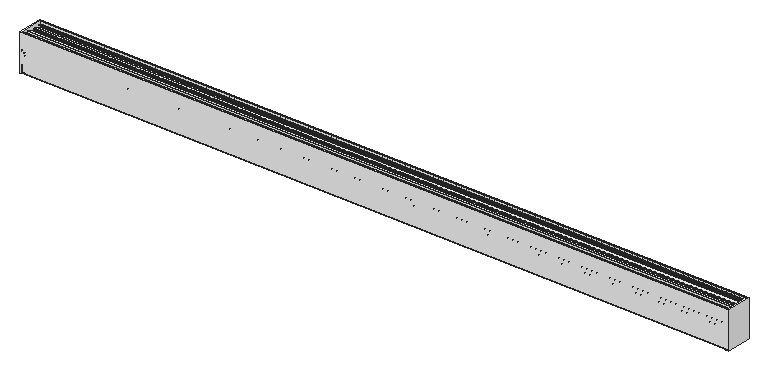
Revit family "STH21973BR_27_STH21973PTO_27", category Luminárias, Revit 2023
Family settings
  Hospedeiro = Forro
  Cota do conector redondo = Utilizar diâmetro
  Tipo de parte = Normal
  Número OmniClass = 23.80.70.11
  Título OmniClass = Luminaries for Internal Lighting
  Sempre na vertical = Sim
  Corte com vazios quando carregada = Não
  Fonte luminosa = Sim
  Manter orientação da anotação = Não
  Compartilhado = Não
  Ponto de cálculo do ambiente = Não
Parameters (values of type "STH21973BR/27 - BRANCO - 1m - 2700K - 850lm - 80°")
  Ângulo de inclinação = 90.00°
  Ângulo de Abertura = "80°"
  Wattage = 5.72229 W
  URL = "https://stella.com.br/"
  Troca de temperatura da cor de lâmpada com esmaecimento = <Nenhum>
  Tensão Elétrica = "24V"
  built-in parameter 1150107 = 2700 (stored number, unit not read)
  Temperatura da cor (K) = 2700 K
  Referência = "STH21973BR/27 - BRANCO - 1m"
  Potência = 23 W
  built-in parameter 1150110 = 1 (stored number, unit not read)
  built-in parameter 1150109 = 1 (stored number, unit not read)
  built-in parameter 1114218 = 1 (stored number, unit not read)
  built-in parameter 1150112 = 1 (stored number, unit not read)
  built-in parameter 1150113 = 1 (stored number, unit not read)
  built-in parameter 1150132 = 2
  built-in parameter 1150137 = (empty or 0)
  Modelo = "Archi"
  Luminoso = Luminoso - 2700K
  built-in parameter 1150106 = 4.5097 (stored number, unit not read)
  Largura = 0.035 m
  built-in parameter 1150102 = (empty or 0)
  built-in parameter 1150105 = 450.97 (stored number, unit not read)
  IRC (Índice de reprodução de cores) = ">93 (R9 >60)"
  Grau de proteção (IP) = "IP20"
  Fluxo Luminoso = 850 lm
  Color Filter = 16777215
  built-in parameter 1114217 = 1 (stored number, unit not read)
  built-in parameter 1150139 = (empty or 0)
  Fabricante = "Stella"
  Estrutura = Al - Branco
  Default Elevation = 0.00 m
  built-in parameter 1150104 = 13.8 (stored number, unit not read)
  Dimerização = "Não dimerizável"
  built-in parameter 1150115 = 1 (stored number, unit not read)
  built-in parameter 1150114 = 1 (stored number, unit not read)
  Lumens = 850 lm
  built-in parameter 1150138 = (empty or 0)
  built-in parameter 1150134 = (empty or 0)
  Comprimento = 1.009 m
  Arquivo de rede fotométrica = "STELLA - STH21973BR-27 - ARCHI - PERFIL DE SOBREPOR RECUADO 35mm.ies"
  Altura = 0.052 m
  built-in parameter 1150133 = 10 (stored number, unit not read)
Types (3, lengths in m): name | Wattage | Referência | Potência | built-in parameter 1150106 | built-in parameter 1150105 | Fluxo Luminoso | Estrutura | Lumens | Arquivo de rede fotométrica
  (no name) | 5.72229 W | "STH21973BR/27 - BRANCO - 1m" | 23 W | 4.5097 (stored number, unit not read) | 450.97 (stored number, unit not read) | 850 lm | Al - Branco | 850 lm | "STELLA - STH21973BR-27 - ARCHI - PERFIL DE SOBREPOR RECUADO 35mm.ies"
  STH21973BR/27 - BRANCO - 1m - 2700K - 850lm - 80° | 5.72229 W | "STH21973BR/27 - BRANCO - 1m" | 23 W | 4.5097 (stored number, unit not read) | 450.97 (stored number, unit not read) | 850 lm | Al - Branco | 850 lm | "STELLA - STH21973BR-27 - ARCHI - PERFIL DE SOBREPOR RECUADO 35mm.ies"
  STH21973PTO/27 - PRETO - 1m - 2700K - 550lm - 80° | 3.70266 W | "STH21973PTO/27 - PRETO - 1m" | 28 W | 2.918 (stored number, unit not read) | 291.8 (stored number, unit not read) | 550 lm | Al - Preto | 550 lm | "STELLA - STH21973PTO-27 - ARCHI -PERFIL DE SOBREPOR 35mm.ies"
Reference planes (m)
  plane 1 "Eixo de origem da luz (F/T)": y = 0
  plane 2 "Forro": z = 2.4384
  plane 3 "Eixo de origem da luz (E/D)": x = 0
  plane 4 "Elevação da origem da luz": z = 2.38298
  plane 5: y = 0.0175
  plane 6: y = -0.0175
  plane 7: x = -0.5045
  plane 8: x = 0.5045
  plane 9 "Inferior": z = 2.3864
  plane 10 "Superior": z = 2.4384
  plane 11 "Conector": z = 2.4089
Forms (m)
  Extrusion 1, solid, material "Al - Branco" <- "Estrutura"
    sketch origin (0, 0.05, -0.051) x (0, 1, 0) y (0, 0, 1)
      loop
        line (-0.057, 2.4865) -> (-0.057, 2.4824) -> (-0.0657, 2.4824) -> (-0.0657, 2.4851) -> (-0.064617, 2.4851)
        arc (-0.064617, 2.4851) -> (-0.064195, 2.485209) -> (-0.064, 2.4856) r 0.000526
        line (-0.064, 2.4856) -> (-0.0649, 2.4865) -> (-0.0657, 2.4865) -> (-0.0657, 2.4894) -> (-0.0675, 2.4894) -> (-0.0675, 2.437816)
        spline (-0.0675, 2.437816) -> (-0.067483, 2.437708) -> (-0.067433, 2.437608) -> (-0.067353, 2.437522) -> (-0.067249, 2.437456) -> (-0.067129, 2.437414) -> (-0.066999, 2.4374) -> (-0.066869, 2.437414) -> (-0.066748, 2.437456) -> (-0.066644, 2.437522) -> (-0.066565, 2.437608) -> (-0.066515, 2.437708) -> (-0.066498, 2.437816)
        arc (-0.066498, 2.437816) -> (-0.066249, 2.448427) -> (-0.065502, 2.459016) r 0.226065
        line (-0.065502, 2.459016) -> (-0.065502, 2.4599) -> (-0.064569, 2.4599) -> (-0.063948, 2.460459) -> (-0.063948, 2.461259) -> (-0.064708, 2.461943) -> (-0.065726, 2.461943) -> (-0.065726, 2.463897) -> (-0.062675, 2.463897) -> (-0.062675, 2.465043)
        arc (-0.062675, 2.465043) -> (-0.06299, 2.465508) -> (-0.063539, 2.465386) r 0.0005
        arc (-0.063539, 2.465386) -> (-0.065939, 2.466123) -> (-0.063894, 2.467579) r 0.0014
        arc (-0.063894, 2.467579) -> (-0.063198, 2.46782) -> (-0.063426, 2.46852) r 0.000525
        arc (-0.063426, 2.46852) -> (-0.064251, 2.468777) -> (-0.065115, 2.468732) r 0.00245
        arc (-0.065115, 2.468732) -> (-0.06554, 2.468851) -> (-0.065726, 2.469252) r 0.000526
        line (-0.065726, 2.469252) -> (-0.065726, 2.4807) -> (-0.034274, 2.4807) -> (-0.034274, 2.469252)
        arc (-0.034274, 2.469252) -> (-0.03446, 2.468851) -> (-0.034885, 2.468732) r 0.000526
        arc (-0.034885, 2.468732) -> (-0.035749, 2.468777) -> (-0.036574, 2.46852) r 0.00245
        arc (-0.036574, 2.46852) -> (-0.036802, 2.46782) -> (-0.036106, 2.467579) r 0.000525
        arc (-0.036106, 2.467579) -> (-0.034061, 2.466123) -> (-0.036461, 2.465386) r 0.0014
        arc (-0.036461, 2.465386) -> (-0.03701, 2.465508) -> (-0.037325, 2.465043) r 0.0005
        line (-0.037325, 2.465043) -> (-0.037325, 2.463897) -> (-0.034274, 2.463897) -> (-0.034274, 2.461943) -> (-0.035292, 2.461943) -> (-0.036052, 2.461259) -> (-0.036052, 2.460459) -> (-0.035431, 2.4599) -> (-0.034498, 2.4599) -> (-0.034498, 2.459016)
        arc (-0.034498, 2.459016) -> (-0.033751, 2.448427) -> (-0.033502, 2.437816) r 0.226065
        spline (-0.033502, 2.437816) -> (-0.033485, 2.437708) -> (-0.033435, 2.437608) -> (-0.033356, 2.437522) -> (-0.033252, 2.437456) -> (-0.033131, 2.437414) -> (-0.033001, 2.4374) -> (-0.032871, 2.437414) -> (-0.032751, 2.437456) -> (-0.032647, 2.437522) -> (-0.032567, 2.437608) -> (-0.032517, 2.437708) -> (-0.0325, 2.437816)
        line (-0.0325, 2.437816) -> (-0.0325, 2.4894) -> (-0.0343, 2.4894) -> (-0.0343, 2.4865) -> (-0.0351, 2.4865) -> (-0.036, 2.4856)
        arc (-0.036, 2.4856) -> (-0.035805, 2.485209) -> (-0.035383, 2.4851) r 0.000526
        line (-0.035383, 2.4851) -> (-0.0343, 2.4851) -> (-0.0343, 2.4824) -> (-0.043, 2.4824) -> (-0.043, 2.4865) -> (-0.047, 2.4865) -> (-0.047, 2.4851) -> (-0.0448, 2.4851) -> (-0.0448, 2.4824) -> (-0.0552, 2.4824) -> (-0.0552, 2.4851) -> (-0.053, 2.4851) -> (-0.053, 2.4865) -> (-0.057, 2.4865)
    from -0.503 to 0.503
  Extrusion 2, solid, material "Al - Branco" <- "Estrutura"
    sketch origin (0, 0.05, -0.051) x (0, 1, 0) y (0, 0, 1)
      loop
        line (-0.0675, 2.4894) -> (-0.0675, 2.4374) -> (-0.0325, 2.4374) -> (-0.0325, 2.4894) -> (-0.0675, 2.4894)
    from 0.503 to 0.5045
  Extrusion 3, solid, material "Al - Branco" <- "Estrutura"
    sketch origin (0, 0.05, -0.051) x (0, 1, 0) y (0, 0, -1)
      loop
        line (-0.0675, -2.4894) -> (-0.0325, -2.4894) -> (-0.0325, -2.4374) -> (-0.0675, -2.4374) -> (-0.0675, -2.4894)
    from 0.503 to 0.5045
  Extrusion 4, solid, material "Luminoso - 2700K" <- "Luminoso"
    sketch origin (0, -0.035001, -0.026899) x (0, 1, 0) y (0, 0, 1)
      loop
        spline (0.050178, 2.434799) -> (0.050242, 2.434816) -> (0.050302, 2.434866) -> (0.050353, 2.434946) -> (0.050392, 2.435049) -> (0.050417, 2.43517) -> (0.050425, 2.435299) -> (0.050417, 2.435429) -> (0.050392, 2.435549) -> (0.050353, 2.435653) -> (0.050302, 2.435732) -> (0.050242, 2.435782) -> (0.050178, 2.435799)
        line (0.050178, 2.435799) -> (0.048899, 2.435799) -> (0.048899, 2.436798)
        arc (0.048899, 2.436798) -> (0.048978, 2.437198) -> (0.049222, 2.437525) r 0.000926
        arc (0.049222, 2.437525) -> (0.049517, 2.43814) -> (0.049459, 2.43882) r 0.0013
        arc (0.049459, 2.43882) -> (0.049267, 2.439195) -> (0.048989, 2.439511) r 0.001706
        arc (0.048989, 2.439511) -> (0.048434, 2.439666) -> (0.048101, 2.439195) r 0.0005
        spline (0.048101, 2.439195) -> (0.048182, 2.438919) -> (0.04831, 2.43876) -> (0.048398, 2.43866) -> (0.048476, 2.438566) -> (0.048535, 2.438436) -> (0.048528, 2.438294) -> (0.048453, 2.438172) -> (0.04836, 2.438073) -> (0.048261, 2.437981) -> (0.048139, 2.437871) -> (0.047974, 2.437708) -> (0.047899, 2.437506)
        line (0.047899, 2.437506) -> (0.047899, 2.435799) -> (0.022103, 2.435799) -> (0.022103, 2.437506)
        spline (0.022103, 2.437506) -> (0.022028, 2.437708) -> (0.021863, 2.437871) -> (0.021741, 2.437981) -> (0.021642, 2.438073) -> (0.02155, 2.438172) -> (0.021474, 2.438294) -> (0.021467, 2.438436) -> (0.021526, 2.438566) -> (0.021604, 2.43866) -> (0.021692, 2.43876) -> (0.02182, 2.438919) -> (0.021901, 2.439195)
        arc (0.021901, 2.439195) -> (0.021568, 2.439666) -> (0.021013, 2.439511) r 0.0005
        arc (0.021013, 2.439511) -> (0.020735, 2.439195) -> (0.020543, 2.43882) r 0.001706
        arc (0.020543, 2.43882) -> (0.020485, 2.43814) -> (0.02078, 2.437525) r 0.0013
        arc (0.02078, 2.437525) -> (0.021024, 2.437198) -> (0.021103, 2.436798) r 0.000926
        line (0.021103, 2.436798) -> (0.021103, 2.435799) -> (0.019824, 2.435799)
        spline (0.019824, 2.435799) -> (0.01976, 2.435782) -> (0.0197, 2.435732) -> (0.019649, 2.435653) -> (0.01961, 2.435549) -> (0.019585, 2.435429) -> (0.019577, 2.435299) -> (0.019585, 2.43517) -> (0.01961, 2.435049) -> (0.019649, 2.434946) -> (0.0197, 2.434866) -> (0.01976, 2.434816) -> (0.019824, 2.434799)
        line (0.019824, 2.434799) -> (0.050178, 2.434799)
    from -0.503 to 0.503
Cuts and joins
  joined: Extrusion 1, Extrusion 2, Extrusion 3
Dimensions and locks (m)
  equal spacing: host sketch curve, plane 3 "Eixo de origem da luz (E/D)", host sketch curve
  equal spacing: host sketch curve, plane 1 "Eixo de origem da luz (F/T)", host sketch curve
  host sketch curve to host sketch curve = 1.019 m
  host sketch curve to host sketch curve = 0.045 m
  "Altura": plane 10 "Superior" to plane 9 "Inferior"
  "Comprimento": plane 7 to plane 8
  "Largura": plane 5 to plane 6
  aligned and locked: plane 8 to cut or joined group of Extrusion 1, Extrusion 2, Extrusion 3
  aligned and locked: cut or joined group of Extrusion 1, Extrusion 2, Extrusion 3 to plane 7
Automatic sketch dimensions
  Extrusion 2 sketch curve to plane 2 "Forro" = 0.052 m
  Extrusion 2 sketch curve to plane 10 "Superior" = 0.00 m
  plane 1 "Eixo de origem da luz (F/T)" to Extrusion 2 sketch curve = 0.0175 m
  Extrusion 2 sketch curve to plane 1 "Eixo de origem da luz (F/T)" = 0.0175 m
  Extrusion 3 sketch curve to plane 2 "Forro" = 0.052 m
  Extrusion 3 sketch curve to plane 10 "Superior" = 0.00 m
  plane 1 "Eixo de origem da luz (F/T)" to Extrusion 3 sketch curve = 0.0175 m
  Extrusion 3 sketch curve to plane 1 "Eixo de origem da luz (F/T)" = 0.0175 m
  plane 6 to Extrusion 4 sketch curve = 0.002323 m
  Extrusion 4 sketch curve to Extrusion 4 sketch curve = 0.000354 m  (x2)
  Extrusion 4 sketch curve to Extrusion 4 sketch curve = 0.00128 m
  Extrusion 4 sketch curve to Extrusion 4 sketch curve = 0.000297 m
  Extrusion 4 sketch curve to Extrusion 4 sketch curve = 0.000363 m
  Extrusion 4 sketch curve to Extrusion 4 sketch curve = 0.0005 m  (x2)
  Extrusion 4 sketch curve to Extrusion 4 sketch curve = 0.000339 m
  Extrusion 4 sketch curve to Extrusion 4 sketch curve = 0.000381 m  (x2)
  Extrusion 4 sketch curve to plane 5 = 0.004645 m
  Extrusion 4 sketch curve to Extrusion 4 sketch curve = 0.000042 m
  Extrusion 4 sketch curve to Extrusion 4 sketch curve = 0.000245 m
  Extrusion 4 sketch curve to Extrusion 4 sketch curve = 0.001 m  (x3)
  Extrusion 4 sketch curve to Extrusion 4 sketch curve = 0.000925 m
  Extrusion 4 sketch curve to Extrusion 4 sketch curve = 0.00 m  (x2)
  Extrusion 4 sketch curve to Extrusion 4 sketch curve = 0.000998 m  (x2)
  Extrusion 4 sketch curve to Extrusion 4 sketch curve = 0.000024 m  (x2)
  Extrusion 4 sketch curve to Extrusion 4 sketch curve = 0.000709 m  (x2)
  Extrusion 4 sketch curve to Extrusion 4 sketch curve = 0.000729 m  (x2)
  Extrusion 4 sketch curve to Extrusion 4 sketch curve = 0.000139 m  (x2)
  Extrusion 4 sketch curve to Extrusion 4 sketch curve = 0.000821 m  (x2)
  Extrusion 4 sketch curve to Extrusion 4 sketch curve = 0.000858 m
  Extrusion 4 sketch curve to Extrusion 4 sketch curve = 0.000388 m
  Extrusion 4 sketch curve to Extrusion 4 sketch curve = 0.000323 m
  Extrusion 1 sketch curve to Extrusion 1 sketch curve = 0.00 m  (x10)
  Extrusion 1 sketch curve to plane 6 = 0.00 m
  Extrusion 1 sketch curve to plane 5 = 0.00 m
  plane 9 "Inferior" to Extrusion 1 sketch curve = 0.000421 m  (x2)
  Extrusion 1 sketch curve to plane 6 = 0.192067 m
  plane 6 to Extrusion 1 sketch curve = 0.001774 m  (x2)
  plane 6 to Extrusion 1 sketch curve = 0.0018 m
  Extrusion 1 sketch curve to Extrusion 1 sketch curve = 0.000026 m  (x2)
  plane 6 to Extrusion 1 sketch curve = 0.001998 m
  Extrusion 1 sketch curve to Extrusion 1 sketch curve = 0.000526 m  (x3)
  Extrusion 1 sketch curve to Extrusion 1 sketch curve = 0.0008 m  (x2)
  Extrusion 1 sketch curve to Extrusion 1 sketch curve = 0.001018 m
  Extrusion 1 sketch curve to Extrusion 1 sketch curve = 0.001083 m
  Extrusion 1 sketch curve to Extrusion 1 sketch curve = 0.000933 m  (x2)
  Extrusion 1 sketch curve to Extrusion 1 sketch curve = 0.001169 m
  Extrusion 1 sketch curve to Extrusion 1 sketch curve = 0.000092 m  (x2)
  Extrusion 1 sketch curve to Extrusion 1 sketch curve = 0.00076 m  (x2)
  Extrusion 1 sketch curve to Extrusion 1 sketch curve = 0.000889 m
  Extrusion 1 sketch curve to Extrusion 1 sketch curve = 0.001382 m  (x2)
  Extrusion 1 sketch curve to Extrusion 1 sketch curve = 0.0005 m  (x4)
  plane 1 "Eixo de origem da luz (F/T)" to Extrusion 1 sketch curve = 0.007 m
  Extrusion 1 sketch curve to Extrusion 1 sketch curve = 0.0018 m  (x2)
  Extrusion 1 sketch curve to Extrusion 1 sketch curve = 0.0022 m  (x2)
  Extrusion 1 sketch curve to plane 1 "Eixo de origem da luz (F/T)" = 0.003 m
  Extrusion 1 sketch curve to plane 5 = 0.004825 m
  Extrusion 1 sketch curve to Extrusion 1 sketch curve = 0.000493 m
  Extrusion 1 sketch curve to plane 5 = 0.003552 m
  Extrusion 1 sketch curve to plane 5 = 0.0035 m
  Extrusion 1 sketch curve to Extrusion 1 sketch curve = 0.000621 m
  Extrusion 1 sketch curve to Extrusion 1 sketch curve = 0.000374 m
  Extrusion 1 sketch curve to Extrusion 1 sketch curve = 0.001531 m
  Extrusion 1 sketch curve to plane 5 = 0.0018 m
  Extrusion 1 sketch curve to plane 5 = 0.001774 m
  plane 5 to Extrusion 1 sketch curve = 0.192067 m
  plane 9 "Inferior" to Extrusion 1 sketch curve = 0.000416 m  (x4)
  Extrusion 1 sketch curve to Extrusion 1 sketch curve = 0.000884 m  (x2)
  Extrusion 1 sketch curve to Extrusion 1 sketch curve = 0.000559 m  (x2)
  Extrusion 1 sketch curve to Extrusion 1 sketch curve = 0.000799 m  (x2)
  Extrusion 1 sketch curve to Extrusion 1 sketch curve = 0.000684 m  (x2)
  Extrusion 1 sketch curve to Extrusion 1 sketch curve = 0.001954 m  (x2)
  Extrusion 1 sketch curve to Extrusion 1 sketch curve = 0.001146 m  (x2)
  Extrusion 1 sketch curve to Extrusion 1 sketch curve = 0.001304 m  (x2)
  Extrusion 1 sketch curve to Extrusion 1 sketch curve = 0.001707 m  (x2)
  Extrusion 1 sketch curve to Extrusion 1 sketch curve = 0.001198 m  (x2)
  Extrusion 1 sketch curve to plane 10 "Superior" = 0.0087 m
  Extrusion 1 sketch curve to Extrusion 1 sketch curve = 0.0017 m  (x2)
  Extrusion 1 sketch curve to Extrusion 1 sketch curve = 0.0027 m  (x4)
  Extrusion 1 sketch curve to Extrusion 1 sketch curve = 0.0014 m  (x3)
  Extrusion 1 sketch curve to Extrusion 1 sketch curve = 0.000882 m
  Extrusion 1 sketch curve to plane 10 "Superior" = 0.00 m  (x2)
  Extrusion 1 sketch curve to Extrusion 1 sketch curve = 0.000085 m
  Extrusion 1 sketch curve to Extrusion 1 sketch curve = 0.000225 m
  Extrusion 1 sketch curve to Extrusion 1 sketch curve = 0.000243 m
  Extrusion 1 sketch curve to Extrusion 1 sketch curve = 0.0212 m  (x2)
  plane 9 "Inferior" to Extrusion 4 sketch curve = 0.0215 m
Connectors (m)
  electrical at (0, 0, 2.4089)
    settings: index 1, voltage 0 V, apparent load 0 VA, apparent load phase1 0 VA, apparent load phase2 0 VA, apparent load phase3 0 VA, power factor 1, load classification "Outro", number of poles 1, system type 31, power factor state 1, is connector primary yes, connector utility no, sub classification motor no, connector description ""
